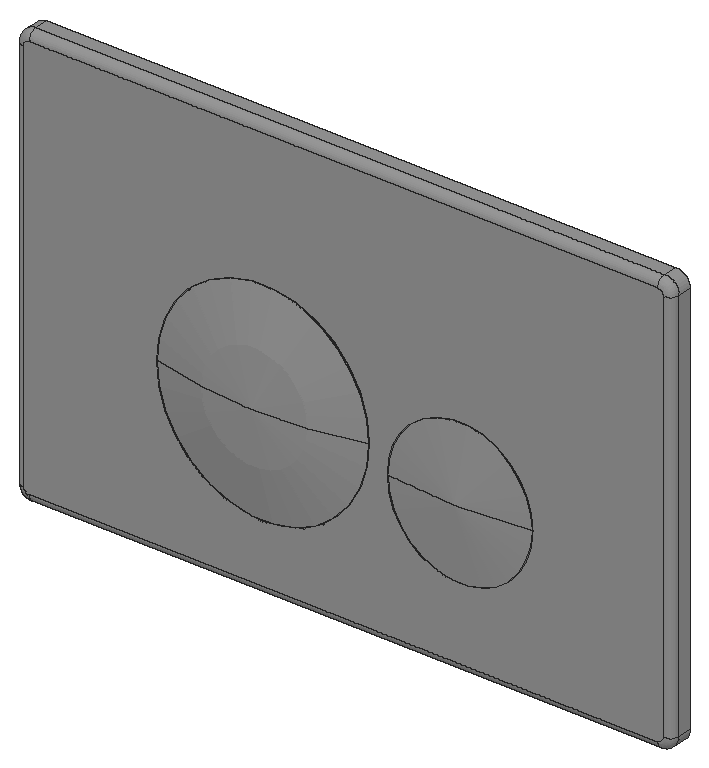
Revit family "LIXIL - CC-PLATE-RND - COBRA CISTERN ACTUATOR PLATE", category Plumbing Fixtures, Revit 2023
Family settings
  Round Connector Dimension = Use Diameter
  Part Type = Normal
  OmniClass Number = 23.45.00.00
  OmniClass Title = Sanitary, Laundry, and Cleaning Equipment
  Work Plane-Based = No
  Enable Cutting in Views = No
  Always vertical = Yes
  Cut with Voids When Loaded = No
  Maintain Annotation Orientation = No
  Shared = Yes
  Room Calculation Point = No
Parameters (values of type "CC-PLATE-RND")
  Product Specification = "Supplier: Lixil.\r\nProduct description: Mechanical dual flush plate compatible with concealed cistern CC-CISTERN/N and CC-CISTERN/WH. \r\nProduct Code: FCP2RD00-0GT01\r\nSKU Code: CC-PLATE-RND\r\nBarcode: 6002194055754\r\nBrand: Cobra\r\nRange: Cobra\r\nCategory: Toilets\r\nSub-Category: Actuator Plates\r\nColour: Chrome\r\nPackage Height: 50 mm\r\nPackage Width: 170 mm\r\nPackage Length: 250 mm\r\nPackage Volume: 2125000 mm³\r\n\r\nNotes:\r\n- Refer to manufacturer's and supplier's installation, maintenance and cleaning manual.\r\n- Refer to manufacturer's and supplier's guarantees and warrantees document."
  M _ ACTUATOR PLATE _ BUTTON 01 = M _ LIXIL - CHROME _ SATIN 02
  M _ ACTUATOR PLATE _ BODY = M _ LIXIL - CHROME _ SATIN 02
  Hosted on lixil.co.za = "https://www.lixil.co.za/item/cobra-actuator-plate-round"
  Description = "Cobra Cistern Actuator plate to detail and spec. See sanware schedule. Available from Lixil."
  Default Elevation = 0 mm
Reference planes
  plane 1 "Center (Front/Back)": y = 0
  plane 2: z = 0
  plane 3 "Center (Left/Right)": x = 0
  plane 4 "Center L/S": y = -8
Dimensions and locks
  aligned and locked: level to plane 2
Nested families
  nested 1: "BODY" at (0, 0, 0), type "BODY", detail levels medium+fine
  nested 2: "PLACEHOLDER" at (0, 0, 0), type "01", detail levels coarse
    with W 236 mm, H 152 mm, D 8 mm
Definition of nested family "BODY"
  Parameters (values of type "BODY")
    M _ ACTUATOR PLATE _ BUTTON 01 = none
    M _ ACTUATOR PLATE _ BODY = none
    Default Elevation = 0 mm
  Reference planes
    plane 1 "Center (Front/Back)": y = 0
    plane 2: z = 0
    plane 3 "Center (Left/Right)": x = 0
    plane 4 "Center L/T": y = -8
    plane 5: z = 152
    plane 6: x = 118
    plane 7: x = -118
    plane 8: x = -28.97
    plane 9: z = 62.258
    plane 10: x = 41.912
    plane 11: z = 54.873
  Forms (mm)
    Extrusion 1, solid, material <- "M _ ACTUATOR PLATE _ BODY"
      sketch origin (0, 0, 0) x (1, 0, 0) y (0, 0, 1)
        loop
          arc (-113, 152) -> (-116.536, 150.536) -> (-118, 147) r 5
          line (-118, 147) -> (-118, 5)
          arc (-118, 5) -> (-116.536, 1.464) -> (-113, 0) r 5
          line (-113, 0) -> (113, 0)
          arc (113, 0) -> (116.536, 1.464) -> (118, 5) r 5
          line (118, 5) -> (118, 147)
          arc (118, 147) -> (116.536, 150.536) -> (113, 152) r 5
          line (113, 152) -> (-113, 152)
        loop
          circle (-28.97, 62.258) r 38.294
        loop
          circle (41.912, 54.873) r 26.175
      from 0 to 8
    Revolve 2, solid, material <- "M _ ACTUATOR PLATE _ BUTTON 01"
      sketch origin (0, 0, 62.258) x (1, 0, 0) y (0, 1, 0)
        loop
          line (-28.97, 0) -> (-66.964, 0) -> (-66.964, -8)
          arc (-66.964, -8) -> (-48.136, -11.804) -> (-28.97, -13.079) r 144.647
          line (-28.97, -13.079) -> (-28.97, 0)
        axis (-28.97, 0) -> (-28.97, -13.079)
      angle from 0 to 360
    Revolve 3, solid, material <- "M _ ACTUATOR PLATE _ BUTTON 01"
      sketch origin (70.882, 0, 54.873) x (1, 0, 0) y (0, 1, 0)
        loop
          line (-28.97, 0) -> (-54.862, 0) -> (-54.862, -8)
          arc (-54.862, -8) -> (-41.968, -9.751) -> (-28.97, -10.336) r 144.647
          line (-28.97, -10.336) -> (-28.97, 0)
        axis (-28.97, 0) -> (-28.97, -10.336)
      angle from 0 to 360
    Sweep 4, void
      path in 3D
        loop
          arc (-113, -8, 152) -> (-116.536, -8, 150.536) -> (-118, -8, 147) r 5
          line (-118, -8, 147) -> (-118, -8, 5)
          arc (-118, -8, 5) -> (-116.536, -8, 1.464) -> (-113, -8, 0) r 5
          line (-113, -8, 0) -> (113, -8, 0)
          arc (113, -8, 0) -> (116.536, -8, 1.464) -> (118, -8, 5) r 5
          line (118, -8, 5) -> (118, -8, 147)
          arc (118, -8, 147) -> (116.536, -8, 150.536) -> (113, -8, 152) r 5
          line (113, -8, 152) -> (-113, -8, 152)
      profile origin (0, -8, 152) x (0, -1, 0) y (0, 0, 1)
        loop
          line (0, 0) -> (-3, 0)
          arc (-3, 0) -> (-0.879, -0.879) -> (0, -3) r 3
          line (0, -3) -> (0, 0)
  Cuts and joins
    Sweep 4 cuts Extrusion 1
  Lines and regions (mm)
    sketch lines
      curve 1: line (113, -8, 152) -> (-113, -8, 152)
      curve 2: arc (-118, -8, 147) -> (-116.536, -8, 150.536) -> (-113, -8, 152) r 5
      curve 3: line (-118, -8, 147) -> (-118, -8, 5)
      curve 4: arc (-113, -8, 0) -> (-116.536, -8, 1.464) -> (-118, -8, 5) r 5
      curve 5: line (-113, -8, 0) -> (113, -8, 0)
      curve 6: arc (118, -8, 5) -> (116.536, -8, 1.464) -> (113, -8, 0) r 5
      curve 7: line (118, -8, 5) -> (118, -8, 147)
      curve 8: arc (113, -8, 152) -> (116.536, -8, 150.536) -> (118, -8, 147) r 5
  Dimensions and locks
    plane 1 "Center (Front/Back)" to plane 4 "Center L/T" = 8 mm
    plane 5 to level = 152 mm
    equal spacing: plane 6, plane 3 "Center (Left/Right)", plane 7
    plane 6 to plane 7 = 236 mm
    aligned and locked: level to plane 2
    aligned and locked: plane 4 "Center L/T" to Extrusion 1
    aligned and locked: Extrusion 1 to plane 1 "Center (Front/Back)"
  Automatic sketch dimensions
    plane 7 to Extrusion 1 sketch curve = 0 mm
    Extrusion 1 sketch curve to plane 5 = 0 mm
    Extrusion 1 sketch curve to level = 0 mm
    Extrusion 1 sketch curve to plane 8 = 0 mm
    Extrusion 1 sketch curve to plane 10 = 0 mm
    Extrusion 1 sketch curve to plane 6 = 0 mm
    Extrusion 1 sketch curve to plane 11 = 0 mm
    Extrusion 1 sketch curve to plane 9 = 0 mm
    Extrusion 1 sketch curve to plane 7 = 5 mm  (x2)
    Extrusion 1 sketch curve to plane 6 = 5 mm
    level to Extrusion 1 sketch curve = 5 mm
    plane 4 "Center L/T" to Revolve 2 sketch curve = 0 mm
    plane 1 "Center (Front/Back)" to Revolve 2 sketch curve = 0 mm  (x2)
    Revolve 2 sketch curve to plane 8 = 0 mm  (x2)
    Revolve 2 sketch curve to plane 8 = 37.994 mm
    plane 1 "Center (Front/Back)" to Revolve 2 sketch curve = 13.079 mm
    Revolve 2 sketch curve to Revolve 2 sketch curve = 21.921 mm
    plane 1 "Center (Front/Back)" to Revolve 3 sketch curve = 0 mm  (x2)
    Revolve 3 sketch curve to plane 10 = 0 mm  (x2)
    plane 4 "Center L/T" to Revolve 3 sketch curve = 0 mm
    plane 3 "Center (Left/Right)" to Revolve 3 sketch curve = 16.021 mm
    Revolve 3 sketch curve to Revolve 3 sketch curve = 10.336 mm
    Revolve 3 sketch curve to Revolve 3 sketch curve = 24.664 mm
    Sweep 4 sketch curve to profile plane = 0 mm  (x2)
    profile plane to Sweep 4 sketch curve = 3 mm
    radius of Extrusion 1 sketch curve = 38.294 mm
    radius of Extrusion 1 sketch curve = 26.175 mm
Definition of nested family "PLACEHOLDER"
  Parameters (values of type "Family3")
    W [instance] = 260.392 mm
    H [instance] = 470.882 mm
    Default Elevation = 0 mm
    D [instance] = 240.391 mm
  Reference planes
    plane 1 "Center (Front/Back)": y = 0
    plane 2: z = 0
    plane 3 "Center (Left/Right)": x = 0
    plane 4: y = -240.391
    plane 5: x = -130.196
    plane 6: x = 130.196
    plane 7: z = 470.882
  Forms (mm)
    Extrusion 1, solid
      sketch origin (0, 0, 0) x (1, 0, 0) y (0, 1, 0)
        loop
          line (-130.196, 0) -> (-130.196, -240.391) -> (130.196, -240.391) -> (130.196, 0) -> (-130.196, 0)
      from 0 to 470.882
  Dimensions and locks
    "D": plane 4 to plane 1 "Center (Front/Back)"
    equal spacing: plane 5, plane 3 "Center (Left/Right)", plane 6
    "W": plane 5 to plane 6
    "H": plane 7 to level
    aligned and locked: level to plane 2
    aligned and locked: Extrusion 1 sketch curve to plane 5
    aligned and locked: Extrusion 1 sketch curve to plane 1 "Center (Front/Back)"
    aligned and locked: Extrusion 1 sketch curve to plane 6
    aligned and locked: Extrusion 1 sketch curve to plane 4
    aligned and locked: Extrusion 1 to plane 7
    aligned and locked: Extrusion 1 to level
